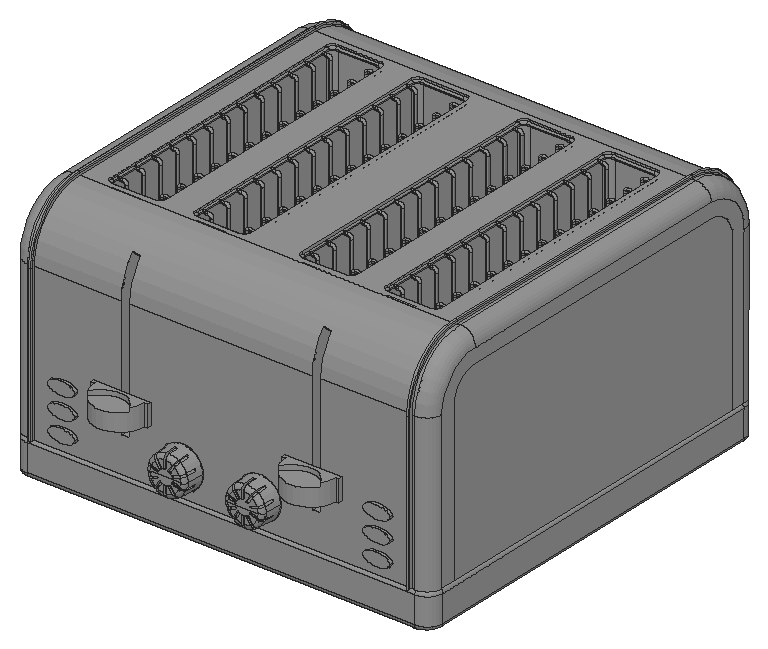
Revit family "Toaster", category Generic Models, Revit 2014 (continued)
Forms (mm)
  Sweep 89, solid, material "Toaster - Rack" <- "Toaster - Rack"
    path origin (195, -90.176, 0) x (1, 0, 0) y (0, 0, 1)
      loop
        line (16.49, 177.962) -> (20.5, 177.962)
        arc (20.5, 177.962) -> (21.914, 177.376) -> (22.5, 175.962) r 2
        line (22.5, 175.962) -> (22.5, 82.962)
        arc (22.5, 82.962) -> (23.964, 79.427) -> (27.5, 77.962) r 5
        line (27.5, 77.962) -> (42.5, 77.962)
        arc (42.5, 77.962) -> (46.036, 79.427) -> (47.5, 82.962) r 5
        line (47.5, 82.962) -> (47.5, 175.949)
        arc (47.5, 175.949) -> (48.09, 177.373) -> (49.513, 177.962) r 2.013
        line (49.513, 177.962) -> (53.538, 177.962)
    profile origin (213.495, -90.176, 177.962) x (0, 0, 1) y (0, -1, 0)
      loop
        circle (0, 0) r 0.859
  Sweep 90, solid, material "Toaster - Rack" <- "Toaster - Rack"
    path origin (195, 15.029, 0) x (1, 0, 0) y (0, 0, -1)
      loop
        line (16.49, -177.962) -> (20.5, -177.962)
        arc (20.5, -177.962) -> (21.914, -177.376) -> (22.5, -175.962) r 2
        line (22.5, -175.962) -> (22.5, -82.962)
        arc (22.5, -82.962) -> (23.964, -79.427) -> (27.5, -77.962) r 5
        line (27.5, -77.962) -> (42.5, -77.962)
        arc (42.5, -77.962) -> (46.036, -79.427) -> (47.5, -82.962) r 5
        line (47.5, -82.962) -> (47.5, -175.949)
        arc (47.5, -175.949) -> (48.09, -177.373) -> (49.513, -177.962) r 2.013
        line (49.513, -177.962) -> (53.538, -177.962)
    profile origin (213.495, 15.029, 177.962) x (0, 0, -1) y (0, 1, 0)
      loop
        circle (0, 0) r 0.859
  Sweep 91, solid, material "Toaster - Rack" <- "Toaster - Rack"
    path origin (195, 30.059, 0) x (1, 0, 0) y (0, 0, -1)
      loop
        line (16.49, -177.962) -> (20.5, -177.962)
        arc (20.5, -177.962) -> (21.914, -177.376) -> (22.5, -175.962) r 2
        line (22.5, -175.962) -> (22.5, -82.962)
        arc (22.5, -82.962) -> (23.964, -79.427) -> (27.5, -77.962) r 5
        line (27.5, -77.962) -> (42.5, -77.962)
        arc (42.5, -77.962) -> (46.036, -79.427) -> (47.5, -82.962) r 5
        line (47.5, -82.962) -> (47.5, -175.949)
        arc (47.5, -175.949) -> (48.09, -177.373) -> (49.513, -177.962) r 2.013
        line (49.513, -177.962) -> (53.538, -177.962)
    profile origin (213.495, 30.059, 177.962) x (0, 0, -1) y (0, 1, 0)
      loop
        circle (0, 0) r 0.859
  Sweep 92, solid, material "Toaster - Rack" <- "Toaster - Rack"
    path origin (195, 45.088, 0) x (1, 0, 0) y (0, 0, -1)
      loop
        line (16.49, -177.962) -> (20.5, -177.962)
        arc (20.5, -177.962) -> (21.914, -177.376) -> (22.5, -175.962) r 2
        line (22.5, -175.962) -> (22.5, -82.962)
        arc (22.5, -82.962) -> (23.964, -79.427) -> (27.5, -77.962) r 5
        line (27.5, -77.962) -> (42.5, -77.962)
        arc (42.5, -77.962) -> (46.036, -79.427) -> (47.5, -82.962) r 5
        line (47.5, -82.962) -> (47.5, -175.949)
        arc (47.5, -175.949) -> (48.09, -177.373) -> (49.513, -177.962) r 2.013
        line (49.513, -177.962) -> (53.538, -177.962)
    profile origin (213.495, 45.088, 177.962) x (0, 0, -1) y (0, 1, 0)
      loop
        circle (0, 0) r 0.859
  Sweep 93, solid, material "Toaster - Rack" <- "Toaster - Rack"
    path origin (195, 60.117, 0) x (1, 0, 0) y (0, 0, -1)
      loop
        line (16.49, -177.962) -> (20.5, -177.962)
        arc (20.5, -177.962) -> (21.914, -177.376) -> (22.5, -175.962) r 2
        line (22.5, -175.962) -> (22.5, -82.962)
        arc (22.5, -82.962) -> (23.964, -79.427) -> (27.5, -77.962) r 5
        line (27.5, -77.962) -> (42.5, -77.962)
        arc (42.5, -77.962) -> (46.036, -79.427) -> (47.5, -82.962) r 5
        line (47.5, -82.962) -> (47.5, -175.949)
        arc (47.5, -175.949) -> (48.09, -177.373) -> (49.513, -177.962) r 2.013
        line (49.513, -177.962) -> (53.538, -177.962)
    profile origin (213.495, 60.117, 177.962) x (0, 0, -1) y (0, 1, 0)
      loop
        circle (0, 0) r 0.859
  Sweep 94, solid, material "Toaster - Rack" <- "Toaster - Rack"
    path origin (195, 75.146, 0) x (1, 0, 0) y (0, 0, -1)
      loop
        line (16.49, -177.962) -> (20.5, -177.962)
        arc (20.5, -177.962) -> (21.914, -177.376) -> (22.5, -175.962) r 2
        line (22.5, -175.962) -> (22.5, -82.962)
        arc (22.5, -82.962) -> (23.964, -79.427) -> (27.5, -77.962) r 5
        line (27.5, -77.962) -> (42.5, -77.962)
        arc (42.5, -77.962) -> (46.036, -79.427) -> (47.5, -82.962) r 5
        line (47.5, -82.962) -> (47.5, -175.949)
        arc (47.5, -175.949) -> (48.09, -177.373) -> (49.513, -177.962) r 2.013
        line (49.513, -177.962) -> (53.538, -177.962)
    profile origin (213.495, 75.146, 177.962) x (0, 0, -1) y (0, 1, 0)
      loop
        circle (0, 0) r 0.859
  Sweep 95, solid, material "Toaster - Rack" <- "Toaster - Rack"
    path origin (195, 90.176, 0) x (1, 0, 0) y (0, 0, -1)
      loop
        line (16.49, -177.962) -> (20.5, -177.962)
        arc (20.5, -177.962) -> (21.914, -177.376) -> (22.5, -175.962) r 2
        line (22.5, -175.962) -> (22.5, -82.962)
        arc (22.5, -82.962) -> (23.964, -79.427) -> (27.5, -77.962) r 5
        line (27.5, -77.962) -> (42.5, -77.962)
        arc (42.5, -77.962) -> (46.036, -79.427) -> (47.5, -82.962) r 5
        line (47.5, -82.962) -> (47.5, -175.949)
        arc (47.5, -175.949) -> (48.09, -177.373) -> (49.513, -177.962) r 2.013
        line (49.513, -177.962) -> (53.538, -177.962)
    profile origin (213.495, 90.176, 177.962) x (0, 0, -1) y (0, 1, 0)
      loop
        circle (0, 0) r 0.859
  Extrusion 96, void
    sketch origin (5, 0, 5) x (1, 0, 0) y (0, 0, 1)
      loop
        spline (228.77, 51.011) -> (229.111, 49.717) -> (230.11, 48.511) -> (231.699, 47.476) -> (233.77, 46.681) -> (236.182, 46.182) -> (238.77, 46.011) -> (241.359, 46.182) -> (243.77, 46.681) -> (245.842, 47.476) -> (247.431, 48.511) -> (248.43, 49.717) -> (248.77, 51.011)
        spline (248.77, 51.011) -> (248.43, 52.305) -> (247.431, 53.511) -> (245.842, 54.547) -> (243.77, 55.341) -> (241.359, 55.841) -> (238.77, 56.011) -> (236.182, 55.841) -> (233.77, 55.341) -> (231.699, 54.547) -> (230.11, 53.511) -> (229.111, 52.305) -> (228.77, 51.011)
    from 138.393 to 144
  Extrusion 97, void
    sketch origin (5, 0, 20) x (1, 0, 0) y (0, 0, 1)
      loop
        spline (228.77, 51.011) -> (229.111, 49.717) -> (230.11, 48.511) -> (231.699, 47.476) -> (233.77, 46.681) -> (236.182, 46.182) -> (238.77, 46.011) -> (241.359, 46.182) -> (243.77, 46.681) -> (245.842, 47.476) -> (247.431, 48.511) -> (248.43, 49.717) -> (248.77, 51.011)
        spline (248.77, 51.011) -> (248.43, 52.305) -> (247.431, 53.511) -> (245.842, 54.547) -> (243.77, 55.341) -> (241.359, 55.841) -> (238.77, 56.011) -> (236.182, 55.841) -> (233.77, 55.341) -> (231.699, 54.547) -> (230.11, 53.511) -> (229.111, 52.305) -> (228.77, 51.011)
    from 138.393 to 144
  Extrusion 98, void
    sketch origin (5, 0, -10) x (1, 0, 0) y (0, 0, 1)
      loop
        spline (228.77, 51.011) -> (229.111, 49.717) -> (230.11, 48.511) -> (231.699, 47.476) -> (233.77, 46.681) -> (236.182, 46.182) -> (238.77, 46.011) -> (241.359, 46.182) -> (243.77, 46.681) -> (245.842, 47.476) -> (247.431, 48.511) -> (248.43, 49.717) -> (248.77, 51.011)
        spline (248.77, 51.011) -> (248.43, 52.305) -> (247.431, 53.511) -> (245.842, 54.547) -> (243.77, 55.341) -> (241.359, 55.841) -> (238.77, 56.011) -> (236.182, 55.841) -> (233.77, 55.341) -> (231.699, 54.547) -> (230.11, 53.511) -> (229.111, 52.305) -> (228.77, 51.011)
    from 138.393 to 144
  Extrusion 99, void
    sketch origin (260, 0, 5) x (-1, 0, 0) y (0, 0, -1)
      loop
        spline (228.77, -51.011) -> (229.111, -52.305) -> (230.11, -53.511) -> (231.699, -54.547) -> (233.77, -55.341) -> (236.182, -55.841) -> (238.77, -56.011) -> (241.359, -55.841) -> (243.77, -55.341) -> (245.842, -54.547) -> (247.431, -53.511) -> (248.43, -52.305) -> (248.77, -51.011)
        spline (248.77, -51.011) -> (248.43, -49.717) -> (247.431, -48.511) -> (245.842, -47.476) -> (243.77, -46.681) -> (241.359, -46.182) -> (238.77, -46.011) -> (236.182, -46.182) -> (233.77, -46.681) -> (231.699, -47.476) -> (230.11, -48.511) -> (229.111, -49.717) -> (228.77, -51.011)
    from 138.393 to 144
  Extrusion 100, void
    sketch origin (260, 0, 20) x (-1, 0, 0) y (0, 0, -1)
      loop
        spline (228.77, -51.011) -> (229.111, -52.305) -> (230.11, -53.511) -> (231.699, -54.547) -> (233.77, -55.341) -> (236.182, -55.841) -> (238.77, -56.011) -> (241.359, -55.841) -> (243.77, -55.341) -> (245.842, -54.547) -> (247.431, -53.511) -> (248.43, -52.305) -> (248.77, -51.011)
        spline (248.77, -51.011) -> (248.43, -49.717) -> (247.431, -48.511) -> (245.842, -47.476) -> (243.77, -46.681) -> (241.359, -46.182) -> (238.77, -46.011) -> (236.182, -46.182) -> (233.77, -46.681) -> (231.699, -47.476) -> (230.11, -48.511) -> (229.111, -49.717) -> (228.77, -51.011)
    from 138.393 to 144
  Extrusion 101, void
    sketch origin (260, 0, -10) x (-1, 0, 0) y (0, 0, -1)
      loop
        spline (228.77, -51.011) -> (229.111, -52.305) -> (230.11, -53.511) -> (231.699, -54.547) -> (233.77, -55.341) -> (236.182, -55.841) -> (238.77, -56.011) -> (241.359, -55.841) -> (243.77, -55.341) -> (245.842, -54.547) -> (247.431, -53.511) -> (248.43, -52.305) -> (248.77, -51.011)
        spline (248.77, -51.011) -> (248.43, -49.717) -> (247.431, -48.511) -> (245.842, -47.476) -> (243.77, -46.681) -> (241.359, -46.182) -> (238.77, -46.011) -> (236.182, -46.182) -> (233.77, -46.681) -> (231.699, -47.476) -> (230.11, -48.511) -> (229.111, -49.717) -> (228.77, -51.011)
    from 138.393 to 144
  Extrusion 102, solid, material "Toaster - Buttons" <- "Toaster - Buttons"
    sketch origin (0, 0, 0) x (1, 0, 0) y (0, 0, 1)
      loop
        spline (30.73, 71.011) -> (30.448, 72.07) -> (29.562, 73.133) -> (28.077, 74.1) -> (26.09, 74.861) -> (23.75, 75.344) -> (21.23, 75.511) -> (18.709, 75.344) -> (16.369, 74.861) -> (14.382, 74.1) -> (12.897, 73.133) -> (12.011, 72.07) -> (11.73, 71.011)
        spline (11.73, 71.011) -> (12.011, 69.953) -> (12.897, 68.889) -> (14.382, 67.923) -> (16.369, 67.161) -> (18.709, 66.679) -> (21.23, 66.511) -> (23.75, 66.679) -> (26.09, 67.161) -> (28.077, 67.923) -> (29.562, 68.889) -> (30.448, 69.953) -> (30.73, 71.011)
    from 140 to 146
  Extrusion 103, solid, material "Toaster - Buttons" <- "Toaster - Buttons"
    sketch origin (0, 0, -15) x (1, 0, 0) y (0, 0, 1)
      loop
        spline (30.73, 71.011) -> (30.448, 72.07) -> (29.562, 73.133) -> (28.077, 74.1) -> (26.09, 74.861) -> (23.75, 75.344) -> (21.23, 75.511) -> (18.709, 75.344) -> (16.369, 74.861) -> (14.382, 74.1) -> (12.897, 73.133) -> (12.011, 72.07) -> (11.73, 71.011)
        spline (11.73, 71.011) -> (12.011, 69.953) -> (12.897, 68.889) -> (14.382, 67.923) -> (16.369, 67.161) -> (18.709, 66.679) -> (21.23, 66.511) -> (23.75, 66.679) -> (26.09, 67.161) -> (28.077, 67.923) -> (29.562, 68.889) -> (30.448, 69.953) -> (30.73, 71.011)
    from 140 to 146
  Extrusion 104, solid, material "Toaster - Buttons" <- "Toaster - Buttons"
    sketch origin (0, 0, -30) x (1, 0, 0) y (0, 0, 1)
      loop
        spline (30.73, 71.011) -> (30.448, 72.07) -> (29.562, 73.133) -> (28.077, 74.1) -> (26.09, 74.861) -> (23.75, 75.344) -> (21.23, 75.511) -> (18.709, 75.344) -> (16.369, 74.861) -> (14.382, 74.1) -> (12.897, 73.133) -> (12.011, 72.07) -> (11.73, 71.011)
        spline (11.73, 71.011) -> (12.011, 69.953) -> (12.897, 68.889) -> (14.382, 67.923) -> (16.369, 67.161) -> (18.709, 66.679) -> (21.23, 66.511) -> (23.75, 66.679) -> (26.09, 67.161) -> (28.077, 67.923) -> (29.562, 68.889) -> (30.448, 69.953) -> (30.73, 71.011)
    from 140 to 146
  Extrusion 105, solid, material "Toaster - Buttons" <- "Toaster - Buttons"
    sketch origin (222.541, 0, 0) x (1, 0, 0) y (0, 0, 1)
      loop
        spline (30.73, 71.011) -> (30.448, 72.07) -> (29.562, 73.133) -> (28.077, 74.1) -> (26.09, 74.861) -> (23.75, 75.344) -> (21.23, 75.511) -> (18.709, 75.344) -> (16.369, 74.861) -> (14.382, 74.1) -> (12.897, 73.133) -> (12.011, 72.07) -> (11.73, 71.011)
        spline (11.73, 71.011) -> (12.011, 69.953) -> (12.897, 68.889) -> (14.382, 67.923) -> (16.369, 67.161) -> (18.709, 66.679) -> (21.23, 66.511) -> (23.75, 66.679) -> (26.09, 67.161) -> (28.077, 67.923) -> (29.562, 68.889) -> (30.448, 69.953) -> (30.73, 71.011)
    from 140 to 146
  Extrusion 106, solid, material "Toaster - Buttons" <- "Toaster - Buttons"
    sketch origin (222.541, 0, -15) x (1, 0, 0) y (0, 0, 1)
      loop
        spline (30.73, 71.011) -> (30.448, 72.07) -> (29.562, 73.133) -> (28.077, 74.1) -> (26.09, 74.861) -> (23.75, 75.344) -> (21.23, 75.511) -> (18.709, 75.344) -> (16.369, 74.861) -> (14.382, 74.1) -> (12.897, 73.133) -> (12.011, 72.07) -> (11.73, 71.011)
        spline (11.73, 71.011) -> (12.011, 69.953) -> (12.897, 68.889) -> (14.382, 67.923) -> (16.369, 67.161) -> (18.709, 66.679) -> (21.23, 66.511) -> (23.75, 66.679) -> (26.09, 67.161) -> (28.077, 67.923) -> (29.562, 68.889) -> (30.448, 69.953) -> (30.73, 71.011)
    from 140 to 146
  Extrusion 107, solid, material "Toaster - Buttons" <- "Toaster - Buttons"
    sketch origin (222.541, 0, -30) x (1, 0, 0) y (0, 0, 1)
      loop
        spline (30.73, 71.011) -> (30.448, 72.07) -> (29.562, 73.133) -> (28.077, 74.1) -> (26.09, 74.861) -> (23.75, 75.344) -> (21.23, 75.511) -> (18.709, 75.344) -> (16.369, 74.861) -> (14.382, 74.1) -> (12.897, 73.133) -> (12.011, 72.07) -> (11.73, 71.011)
        spline (11.73, 71.011) -> (12.011, 69.953) -> (12.897, 68.889) -> (14.382, 67.923) -> (16.369, 67.161) -> (18.709, 66.679) -> (21.23, 66.511) -> (23.75, 66.679) -> (26.09, 67.161) -> (28.077, 67.923) -> (29.562, 68.889) -> (30.448, 69.953) -> (30.73, 71.011)
    from 140 to 146
  Extrusion 108, solid, material "Toaster - Base" <- "Toaster - Base"
    sketch origin (0, 0, 0) x (1, 0, 0) y (0, 1, 0)
      loop
        circle (0, 123.393) r 5
    from 0 to 5
  Extrusion 109, solid, material "Toaster - Base" <- "Toaster - Base"
    sketch origin (265, 0, 0) x (-1, 0, 0) y (0, -1, 0)
      loop
        circle (0, -123.393) r 5
    from 0 to 5
  Extrusion 110, solid, material "Toaster - Base" <- "Toaster - Base"
    sketch origin (0, 0, 0) x (1, 0, 0) y (0, 1, 0)
      loop
        circle (0, -123.393) r 5
    from 0 to 5
  Extrusion 111, solid, material "Toaster - Base" <- "Toaster - Base"
    sketch origin (265, 0, 0) x (-1, 0, 0) y (0, -1, 0)
      loop
        circle (0, 123.393) r 5
    from 0 to 5
Cuts and joins
  Extrusion 7, Extrusion 25, Extrusion 26, Extrusion 33, Extrusion 34, Extrusion 96, Extrusion 97, Extrusion 98, Extrusion 99, Extrusion 100, Extrusion 101 cuts Extrusion 1
  Extrusion 25 cuts Sweep 2
  Extrusion 28, Extrusion 30 cuts Extrusion 27
  Extrusion 30 cuts Extrusion 29
  Extrusion 36, Extrusion 37, Extrusion 38, Extrusion 39, Extrusion 40, Extrusion 41, Extrusion 42, Extrusion 43, Extrusion 44, Extrusion 45, Extrusion 47 cuts Revolve 35
  Extrusion 47, Extrusion 48, Extrusion 49, Extrusion 50, Extrusion 51, Extrusion 52, Extrusion 53, Extrusion 54, Extrusion 55, Extrusion 56 cuts Revolve 46
Lines and regions (mm)
  sketch lines
    curve 1: line (0, 144, 140) -> (0, 144, 30)
    curve 2: arc (0, 144, 140) -> (0, 132.284, 168.284) -> (0, 104, 180) r 40
    curve 3: line (0, -104, 180) -> (0, 104, 180)
    curve 4: arc (0, -104, 180) -> (0, -132.284, 168.284) -> (0, -144, 140) r 40
    curve 5: line (0, -144, 30) -> (0, -144, 140)
    curve 6: line (265, 144, 140) -> (265, 144, 30)
    curve 7: arc (265, 144, 140) -> (265, 132.284, 168.284) -> (265, 104, 180) r 40
    curve 8: line (265, -104, 180) -> (265, 104, 180)
    curve 9: arc (265, -104, 180) -> (265, -132.284, 168.284) -> (265, -144, 140) r 40
    curve 10: line (265, -144, 30) -> (265, -144, 140)
    curve 11: line (15, -95, 180) -> (15, 95, 180)
    curve 12: arc (20, 100, 180) -> (16.464, 98.536, 180) -> (15, 95, 180) r 5
    curve 13: line (20, 100, 180) -> (50, 100, 180)
    curve 14: arc (55, 95, 180) -> (53.536, 98.536, 180) -> (50, 100, 180) r 5
    curve 15: line (55, 95, 180) -> (55, -95, 180)
    curve 16: line (50, -100, 180) -> (20, -100, 180)
    curve 17: arc (50, -100, 180) -> (53.536, -98.536, 180) -> (55, -95, 180) r 5
    curve 18: arc (15, -95, 180) -> (16.464, -98.536, 180) -> (20, -100, 180) r 5
    curve 19: line (75, -95, 180) -> (75, 95, 180)
    curve 20: arc (80, 100, 180) -> (76.464, 98.536, 180) -> (75, 95, 180) r 5
    curve 21: line (80, 100, 180) -> (110, 100, 180)
    curve 22: arc (115, 95, 180) -> (113.536, 98.536, 180) -> (110, 100, 180) r 5
    curve 23: line (115, 95, 180) -> (115, -95, 180)
    curve 24: line (110, -100, 180) -> (80, -100, 180)
    curve 25: arc (110, -100, 180) -> (113.536, -98.536, 180) -> (115, -95, 180) r 5
    curve 26: arc (75, -95, 180) -> (76.464, -98.536, 180) -> (80, -100, 180) r 5
    curve 27: line (150, -95, 180) -> (150, 95, 180)
    curve 28: arc (155, 100, 180) -> (151.464, 98.536, 180) -> (150, 95, 180) r 5
    curve 29: line (155, 100, 180) -> (185, 100, 180)
    curve 30: arc (190, 95, 180) -> (188.536, 98.536, 180) -> (185, 100, 180) r 5
    curve 31: line (190, 95, 180) -> (190, -95, 180)
    curve 32: line (185, -100, 180) -> (155, -100, 180)
    curve 33: arc (185, -100, 180) -> (188.536, -98.536, 180) -> (190, -95, 180) r 5
    curve 34: arc (150, -95, 180) -> (151.464, -98.536, 180) -> (155, -100, 180) r 5
    curve 35: line (210, -95, 180) -> (210, 95, 180)
    curve 36: arc (215, 100, 180) -> (211.464, 98.536, 180) -> (210, 95, 180) r 5
    curve 37: line (215, 100, 180) -> (245, 100, 180)
    curve 38: arc (250, 95, 180) -> (248.536, 98.536, 180) -> (245, 100, 180) r 5
    curve 39: line (250, 95, 180) -> (250, -95, 180)
    curve 40: line (245, -100, 180) -> (215, -100, 180)
    curve 41: arc (245, -100, 180) -> (248.536, -98.536, 180) -> (250, -95, 180) r 5
    curve 42: arc (210, -95, 180) -> (211.464, -98.536, 180) -> (215, -100, 180) r 5
Dimensions and locks
  aligned and locked: level to plane 2
